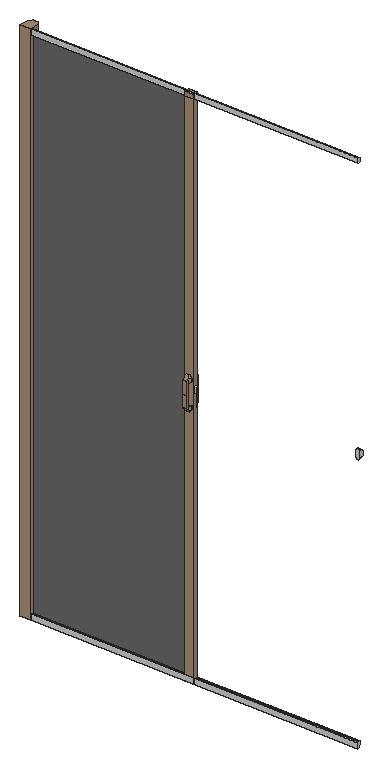
Revit family "Screen_Door_ProfessionalSeries_PhantomScreen", category Doors, host Wall, Revit 2014
Parameters (values of type "Type as Specified")
  URL = "http://www.phantomscreens.com/"
  Track Height = 0' - 0.931"
  Track Depth = 0' - 0.511"
  Specification = "http://www.phantomscreens.com/architects-designers/specifications-binder/"
  Slide Bar Width = 0' - 1.732"
  Slide Bar Depth = 0' - 0.866"
  Slide Bar = Dark Cherry
  Screen Thickness = 0' - 0 1/32"
  Screen = Phifer TuffScreen No-See-Um – Charcoal
  Sales Information = "http://www.phantomscreens.com/support/"
  Revision = "R1_08-2016"
  Product Properties = "http://www.phantomscreens.com/drive/uploads/2015/03/Phantom-Door-Design-Specification-Assembled-View.pdf"
  Product Data = "http://www.arcat.com/arcatcos/cos9540/arc40535.html"
  Percent Open [instance] = 50
  Model = "Professional Series"
  Manufacturer Website = "http://www.phantomscreens.com/"
  Manufacturer Phone - Toll Free = ""
  Manufacturer Phone = "604-855-3654"
  Manufacturer Fax = "604-855-7834"
  Manufacturer Address = "30451 Simpson Rd.; Abbotsford; BC; Canada V2T 6C7"
  Manufacturer = "Phantom Screens"
  Keynote = "08 11 00"
  Installation-Fabrication = "http://www.phantomscreens.com/architects-designers/options/"
  Housing Width = 0' - 1 7/8"
  Housing Depth = 0' - 2 49/64"
  Handle Width = 0' - 1.266"
  Handle Height = 0' - 6.031"
  Handle Depth = 0' - 0 109/128"
  Function = Interior
  Height = 8' - 0"
  Wall Closure = By host
  Width = 5' - 0"
  Drawn By = "Sumex Design - Robert S Weygant"
  Door Opening [instance] = Width * (Percent Open / 100)  # 2' - 6"
  Description = "Phantom Screens Professional Series Screen"
  Copyright = "� 2016 ARCAT Inc."
  Construction Details = "http://www.arcat.com/details/phantoms/95prod3445.html"
  Assembly Code = "B2020400"
  Aluminum Track = Aluminum - Flat
  Aluminum Housing = Dark Cherry
Reference planes (in)
  plane 1 "Center (Front/Back)": y = 0
  plane 2 "Center (Left/Right)": x = -7.25
  plane 3 "Top": z = 96
  plane 4 "Exterior": y = 3
  plane 5 "Interior": y = -3
  plane 6: x = -39.125
  plane 7: y = 5.76563
  plane 8: z = 96.931
  plane 9: z = 0.931
  plane 10: y = 3.511
  plane 11: y = 3.866
  plane 12: y = 3.47975
  plane 13: x = -8.982
  plane 14 "Track Bar": x = -7.25
  plane 15: x = -37.25
  plane 16: y = 3.4485
  plane 17: y = 4.71756
  plane 18: x = 22.75
  plane 19: z = 47.5
  plane 20: z = 50.5155
  plane 21: z = 44.4845
  plane 22: x = -8.24596
  plane 23: x = -7.19182
  plane 24: z = 49.15629
  plane 25: z = 47.35152
Forms (in)
  Extrusion 1, solid, material "Dark Cherry" <- "Aluminum Housing"
    sketch origin (0, 0, 0) x (1, 0, 0) y (0, 1, 0)
      loop
        line (-38.59494, 5.24881) -> (-39.125, 4.71875) -> (-39.125, 3) -> (-37.25, 3) -> (-37.25, 4.71875) -> (-37.78006, 5.24881) -> (-38.59494, 5.24881)
    from 0 to 96.931
  Extrusion 2, solid, material "Aluminum - Flat" <- "Aluminum Track"
    sketch origin (0, 0, 0) x (0, 1, 0) y (0, 0, 1)
      loop
        line (3.11249, 96.931) -> (3, 96.931) -> (3, 96) -> (3.11249, 96) -> (3.11249, 96.6029) -> (3.3979, 96.6029) -> (3.3979, 96) -> (3.511, 96) -> (3.511, 96.71477) -> (3.11249, 96.71477) -> (3.11249, 96.931)
    from -37.25 to 22.75
  Extrusion 3, solid, material "Aluminum - Flat" <- "Aluminum Track"
    sketch origin (0, 0, 0) x (0, 1, 0) y (0, 0, 1)
      loop
        line (3.511, 0.931) -> (3.386, 0.931) -> (3.386, 0.4365) -> (3.125, 0.4365) -> (3.125, 0.931) -> (3, 0.931) -> (3, 0) -> (3.125, 0) -> (3.125, 0.315) -> (3.511, 0.315) -> (3.511, 0.931)
    from -37.25 to 22.75
  Extrusion 4, solid, material "Dark Cherry" <- "Slide Bar"
    sketch origin (0, 0, 0) x (1, 0, 0) y (0, 1, 0)
      loop
        line (-8.982, 3.866) -> (-8.982, 3) -> (-7.25, 3) -> (-7.25, 3.64791) -> (-7.50991, 3.866) -> (-8.982, 3.866)
    from 0 to 96
  Extrusion 5, solid, material "Phifer TuffScreen No-See-Um – Charcoal" <- "Screen"
    sketch origin (0, 0, 0) x (1, 0, 0) y (0, 1, 0)
      loop
        line (-37.25, 3.47975) -> (-37.25, 3.4485) -> (-8.982, 3.4485) -> (-8.982, 3.47975) -> (-37.25, 3.47975)
    from 0.931 to 96
  Extrusion 6, solid
    sketch origin (-7.25, 0, 0) x (0, 1, 0) y (0, 0, 1)
      loop
        arc (3, 47.81869) -> (3.03288, 47.73932) -> (3.11225, 47.70644) r 0.11225
        line (3.11225, 47.70644) -> (3.29841, 47.70644)
        arc (3.29841, 47.70644) -> (3.37778, 47.73932) -> (3.41065, 47.81869) r 0.11225
        line (3.41065, 47.81869) -> (3.41065, 48.74389)
        arc (3.41065, 48.74389) -> (3.37778, 48.82327) -> (3.29841, 48.85614) r 0.11225
        line (3.29841, 48.85614) -> (3.11225, 48.85614)
        arc (3.11225, 48.85614) -> (3.03288, 48.82327) -> (3, 48.74389) r 0.11225
        line (3, 48.74389) -> (3, 47.81869)
      loop
        circle (3.20533, 48.55983) r 0.0627
      loop
        circle (3.20533, 48.00276) r 0.0627
    from 0 to 0.05818
Text (in)
  text "Exterior" at (-62.02911, 27.31104, 0), in view "Ref. Level"
  text "Interior" at (-62.02911, -25.14366, 0), in view "Ref. Level"
  text "Exterior" at (0, 40.15149, 123.01588), in view "Right"
  text "Interior" at (0, -64.39139, 123.01588), in view "Right"
  text "Interior" at (0, -31.01599, 123.00693), in view "Left"
  text "Exterior" at (0, 54.57065, 123.00693), in view "Left"
Dimensions and locks (in)
  "Height": level to plane 3 "Top"
  "Housing Depth": plane 4 "Exterior" to plane 7
  "Track Height": plane 3 "Top" to plane 8
  "Track Height": level to plane 9
  "Track Depth": plane 10 to plane 4 "Exterior"
  "Slide Bar Depth": plane 11 to plane 4 "Exterior"
  "Screen Thickness": plane 10 to plane 12
  "Slide Bar Width": plane 13 to plane 14 "Track Bar"
  equal spacing: plane 15, plane 2 "Center (Left/Right)", plane 18
  "Screen Thickness": plane 16 to plane 12
  "Width": plane 15 to plane 18
  "Housing Width": plane 6 to plane 15
  "Door Opening": plane 14 "Track Bar" to plane 18
  equal spacing: plane 21, plane 19, plane 20
  "Handle Height": plane 21 to plane 20
  locked: plane 14 "Track Bar" to plane 22 at 0.99596
  locked: plane 23 to plane 14 "Track Bar" at 0.05818
  locked: Extrusion 1 to Extrusion 1 at 2.24881
  aligned and locked: plane 4 "Exterior" to host wall
  aligned and locked: plane 5 "Interior" to host wall
  aligned and locked: plane 6 to Extrusion 1 sketch curve
  aligned and locked: Extrusion 1 to level
  aligned and locked: Extrusion 1 to plane 8
  aligned and locked: plane 8 to Extrusion 1
  aligned and locked: Extrusion 2 sketch curve to plane 8
  aligned and locked: Extrusion 2 sketch curve to plane 10
  aligned and locked: Extrusion 2 sketch curve to host wall
  aligned and locked: Extrusion 3 sketch curve to plane 9
  aligned and locked: Extrusion 3 sketch curve to plane 10
  aligned and locked: Extrusion 3 sketch curve to host wall
  aligned and locked: Extrusion 3 to plane 9  (x2)
  aligned and locked: Extrusion 2 to plane 10
  aligned and locked: plane 11 to Extrusion 4 sketch curve
  aligned and locked: plane 13 to Extrusion 4 sketch curve
  aligned and locked: Extrusion 4 sketch curve to plane 4 "Exterior"
  aligned and locked: Extrusion 4 sketch curve to plane 14 "Track Bar"
  aligned and locked: Extrusion 4 to level
  aligned and locked: Extrusion 4 to plane 3 "Top"
  aligned and locked: plane 12 to Extrusion 5 sketch curve
  aligned and locked: Extrusion 5 sketch curve to plane 15
  aligned and locked: plane 16 to Extrusion 5 sketch curve
  aligned and locked: Extrusion 5 sketch curve to plane 13
  aligned and locked: Extrusion 5 to plane 3 "Top"
  aligned and locked: Extrusion 5 to Extrusion 3
  aligned and locked: plane 18 to Extrusion 2  (x2)
  aligned and locked: Extrusion 3 to plane 18
  aligned and locked: Extrusion 3 to level
  aligned and locked: Extrusion 3 to plane 15
  aligned and locked: plane 3 "Top" to Extrusion 2
  aligned and locked: Extrusion 2 to plane 8  (x2)
  aligned and locked: plane 15 to Extrusion 2
  aligned and locked: Extrusion 1 sketch curve to plane 4 "Exterior"
  aligned and locked: plane 22 to nested 1
  aligned and locked: plane 11 to nested 1
  aligned and locked: nested 2 to plane 22
  aligned and locked: nested 2 to Extrusion 4
  aligned and locked: plane 20 to nested 1
  aligned and locked: plane 20 to nested 2
  aligned and locked: plane 21 to nested 1
  aligned and locked: plane 21 to nested 2
  aligned and locked: nested 3 to Extrusion 4
  aligned and locked: nested 3 to plane 14 "Track Bar"
  aligned and locked: nested 3 to plane 13
  aligned and locked: Extrusion 6 sketch curve to Extrusion 4
  aligned and locked: Extrusion 6 to Extrusion 4
  aligned and locked: plane 23 to Extrusion 6
  aligned and locked: nested 4 to plane 24  (x2)
  aligned and locked: plane 18 to nested 4
  aligned and locked: plane 4 "Exterior" to nested 4
  aligned and locked: nested 3 to plane 11
  aligned and locked: plane 4 "Exterior" to nested 3
Automatic sketch dimensions
  Extrusion 4 sketch curve to plane 10 = 0' - 0.13691"
  Extrusion 4 sketch curve to Extrusion 4 sketch curve = 0' - 0.25991"
  plane 6 to Extrusion 1 sketch curve = 0' - 0.53006"
  Extrusion 1 sketch curve to plane 7 = 0' - 1 3/64"  (x2)
  plane 15 to Extrusion 1 sketch curve = 0' - 0.53006"
  plane 3 "Top" to Extrusion 2 sketch curve = 0' - 0"  (x2)
  host wall to Extrusion 2 sketch curve = 0' - 0.11249"  (x2)
  Extrusion 2 sketch curve to plane 16 = 0' - 0.0506"
  plane 8 to Extrusion 2 sketch curve = 0' - 0.3281"
  Extrusion 2 sketch curve to Extrusion 2 sketch curve = 0' - 0.11187"
  plane 9 to Extrusion 3 sketch curve = 0' - 0"
  host wall to Extrusion 3 sketch curve = 0' - 0 1/8"
  Extrusion 3 sketch curve to Extrusion 3 sketch curve = 0' - 0"
  Extrusion 3 sketch curve to plane 16 = 0' - 0 1/16"
  Extrusion 3 sketch curve to Extrusion 3 sketch curve = 0' - 0.1215"
  level to Extrusion 3 sketch curve = 0' - 0.315"
  Extrusion 1 sketch curve to plane 15 = 0' - 0"
  Extrusion 3 sketch curve to level = 0' - 0"
  host wall to Extrusion 6 sketch curve = 0' - 0.11225"
  Extrusion 6 sketch curve to Extrusion 6 sketch curve = 0' - 0.11225"
  host wall to Extrusion 6 sketch curve = 0' - 0.20533"  (x2)
  Extrusion 6 sketch curve to plane 16 = 0' - 0.15009"  (x2)
  Extrusion 6 sketch curve to plane 16 = 0' - 0.03785"
  Extrusion 6 sketch curve to plane 19 = 0' - 0.20644"
  Extrusion 6 sketch curve to Extrusion 6 sketch curve = 0' - 0.18406"  (x2)
  Extrusion 6 sketch curve to Extrusion 6 sketch curve = 0' - 0.55707"
  Extrusion 6 sketch curve to Extrusion 6 sketch curve = 0' - 0"
  Extrusion 1 sketch curve to plane 17 = 0' - 0 17/32"
  radius of Extrusion 6 sketch curve = 0' - 0.0627"  (x2)
Nested families (in)
  nested 1: "Handle Family" at (-8.24596, 4.29178, 47.5) x (-1, 0, 0) z (0, 0, 1), type "Handle Family"
    with Width 0' - 1.266", Height 0' - 6.031", Depth 0' - 0 109/128"
  nested 2: "Handle Family" at (-8.24596, 2.57422, 47.5), type "Handle Family"
    with Width 0' - 1.266", Height 0' - 6.031", Depth 0' - 0 109/128"
  nested 3: "End Caps" at (-8.21484, 3.1714, 96), type "End Caps"
  nested 4: "Magnetic Latch" at (22.75, 3.3125, 47.40629) x (-1, 0, 0) z (0, 0, 1), type "Magnetic Latch"
Definition of nested family "Handle Family"
  Parameters (values of type "Handle Family")
    Width = 0' - 1 3/8"
    Height = 0' - 6 1/32"
    Handle = none
    Depth = 0' - 1"
  Reference planes (in)
    plane 1 "Center (Front/Back)": y = 0
    plane 2: z = 0
    plane 3 "Center (Left/Right)": x = 0
    plane 4: y = 0.5
    plane 5: x = 0.6875
    plane 6: y = -0.5
    plane 7: x = -0.6875
    plane 8: z = 3.01562
    plane 9: z = -3.01563
  Forms (in)
    Extrusion 1, solid, material <- "Handle"
      sketch origin (0, 0, 0) x (0, 1, 0) y (0, 0, 1)
        loop
          line (0.5, 3.01562) -> (0.25, 3.01562) -> (-0.5, 2.26562) -> (-0.5, 0) -> (-0.5, -2.26563) -> (0.25, -3.01563) -> (0.5, -3.01563) -> (0.5, -2.01563) -> (0, -2.01563) -> (-0.17678, -1.83885) -> (-0.17678, 0) -> (-0.17678, 1.83885) -> (0, 2.01562) -> (0.5, 2.01562) -> (0.5, 3.01562)
      from -0.6875 to 0.6875
    Extrusion 2, void
      sketch origin (0, 0, 0) x (1, 0, 0) y (0, 1, 0)
        loop
          line (-0.6875, 0.25) -> (-0.6875, -0.5) -> (-0.32322, -0.5) -> (-0.32322, -0.25861) -> (-0.6875, 0.25)
        loop
          line (0.32322, -0.25861) -> (0.32322, -0.5) -> (0.6875, -0.5) -> (0.6875, 0.25) -> (0.32322, -0.25861)
      from -3.01562 to 3.01562
    Extrusion 3, void
      sketch origin (0, 0, 0) x (1, 0, 0) y (0, 0, 1)
        loop
          line (-0.6875, 2.51563) -> (-0.25, 3.01563) -> (-0.6875, 3.01563) -> (-0.6875, 2.51563)
        loop
          line (0.6875, 2.51563) -> (0.6875, 3.01562) -> (0.25, 3.01562) -> (0.6875, 2.51563)
        loop
          line (-0.6875, -2.51562) -> (-0.6875, -3.01562) -> (-0.25, -3.01562) -> (-0.6875, -2.51562)
        loop
          line (0.6875, -2.51562) -> (0.25, -3.01562) -> (0.6875, -3.01562) -> (0.6875, -2.51562)
      from -0.5 to 0.5
  Cuts and joins
    Extrusion 2, Extrusion 3 cuts Extrusion 1
  Dimensions and locks (in)
    equal spacing: plane 7, plane 3 "Center (Left/Right)", plane 5
    equal spacing: plane 6, plane 1 "Center (Front/Back)", plane 4
    "Depth": plane 6 to plane 4
    "Width": plane 7 to plane 5
    equal spacing: plane 8, level, plane 9
    "Height": plane 8 to plane 9
    plane 1 "Center (Front/Back)" to Extrusion 1 = 0' - 0 1/2"
    aligned and locked: plane 2 to level
    aligned and locked: plane 7 to Extrusion 1
    aligned and locked: plane 5 to Extrusion 1
    aligned and locked: Extrusion 2 sketch curve to plane 6
    aligned and locked: plane 6 to Extrusion 2 sketch curve
    aligned and locked: plane 5 to Extrusion 2 sketch curve
    aligned and locked: Extrusion 2 sketch curve to plane 7
    aligned and locked: Extrusion 2 to plane 9
    aligned and locked: plane 8 to Extrusion 2
    aligned and locked: plane 4 to Extrusion 3
    aligned and locked: plane 6 to Extrusion 3
  Automatic sketch dimensions
    Extrusion 1 sketch curve to level = 0' - 0"  (x2)
    Extrusion 1 sketch curve to plane 1 "Center (Front/Back)" = 0' - 0"  (x2)
    Extrusion 1 sketch curve to plane 8 = 0' - 0"
    Extrusion 1 sketch curve to plane 4 = 0' - 0"  (x2)
    plane 1 "Center (Front/Back)" to Extrusion 1 sketch curve = 0' - 0.17678"
    Extrusion 1 sketch curve to Extrusion 1 sketch curve = 0' - 0 1/4"
    Extrusion 1 sketch curve to Extrusion 1 sketch curve = 0' - 1"
    Extrusion 1 sketch curve to Extrusion 1 sketch curve = 0' - 0.17678"  (x2)
    Extrusion 1 sketch curve to plane 8 = 0' - 1.17678"
    Extrusion 1 sketch curve to Extrusion 1 sketch curve = 0' - 0.42678"
    Extrusion 1 sketch curve to plane 9 = 0' - 0"
    Extrusion 1 sketch curve to plane 1 "Center (Front/Back)" = 0' - 0 1/4"
    plane 9 to Extrusion 1 sketch curve = 0' - 0 3/4"
    Extrusion 1 sketch curve to plane 6 = 0' - 0"
    Extrusion 2 sketch curve to plane 3 "Center (Left/Right)" = 0' - 0.32322"
    plane 3 "Center (Left/Right)" to Extrusion 2 sketch curve = 0' - 0.32322"
    plane 1 "Center (Front/Back)" to Extrusion 2 sketch curve = 0' - 0.25861"
    Extrusion 2 sketch curve to plane 1 "Center (Front/Back)" = 0' - 0 1/4"  (x2)
    Extrusion 2 sketch curve to Extrusion 2 sketch curve = 0' - 0.24139"
    plane 7 to Extrusion 3 sketch curve = 0' - 0"  (x2)
    Extrusion 3 sketch curve to plane 8 = 0' - 0"  (x2)
    Extrusion 3 sketch curve to plane 9 = 0' - 0"  (x2)
    Extrusion 3 sketch curve to plane 5 = 0' - 0"  (x2)
    Extrusion 3 sketch curve to plane 3 "Center (Left/Right)" = 0' - 0 1/4"  (x2)
    plane 3 "Center (Left/Right)" to Extrusion 3 sketch curve = 0' - 0 1/4"  (x2)
    plane 9 to Extrusion 3 sketch curve = 0' - 0 1/2"
    Extrusion 3 sketch curve to Extrusion 3 sketch curve = 0' - 0 1/2"
    Extrusion 3 sketch curve to plane 8 = 0' - 0 1/2"  (x2)
Definition of nested family "End Caps"
  Parameters (values of type "End Caps")
    End Caps = none
  Reference planes (in)
    plane 1 "Center (Front/Back)": y = 0
    plane 2: z = 0
    plane 3 "Center (Left/Right)": x = 0
    plane 4: y = 0.6946
    plane 5: x = 0.96484
    plane 6: y = -0.1714
    plane 7: x = -0.76716
    plane 8: z = 0.75
  Forms (in)
    Extrusion 1, solid, material <- "End Caps"
      sketch origin (0, 0, 0) x (1, 0, 0) y (0, 1, 0)
        loop
          line (-0.76716, 0.6946) -> (-0.76716, -0.1714) -> (0.96484, -0.1714) -> (0.96484, 0.47651) -> (0.70493, 0.6946) -> (-0.76716, 0.6946)
      from 0 to 0.75
  Lines and regions (in)
    model lines
      curve 1: line (-0.76716, 0.6946, 0) -> (0.70493, 0.6946, 0)
      curve 2: line (-0.76716, -0.1714, 0) -> (-0.76716, 0.6946, 0)
      curve 3: line (0.96484, -0.1714, 0) -> (-0.76716, -0.1714, 0)
      curve 4: line (0.96484, 0.47651, 0) -> (0.96484, -0.1714, 0)
      curve 5: line (0.96484, 0.47651, 0) -> (0.70493, 0.6946, 0)
  Dimensions and locks (in)
    aligned and locked: plane 2 to level
    aligned and locked: plane 8 to Extrusion 1
Definition of nested family "Magnetic Latch"
  Parameters (values of type "Magnetic Latch")
    Width = 0' - 0 5/8"
    Magnetic Latch = none
    Height = 0' - 1 3/4"
    Depth = 0' - 0 5/8"
  Reference planes (in)
    plane 1 "Center (Front/Back)": y = 0
    plane 2: z = 0
    plane 3 "Center (Left/Right)": x = 0
    plane 4: y = 0.3125
    plane 5: x = 0.3125
    plane 6: y = -0.3125
    plane 7: x = -0.3125
    plane 8: z = 1.75
    plane 9: z = 0.875
  Forms (in)
    Extrusion 1, solid, material <- "Magnetic Latch"
      sketch origin (0, 0, 0) x (1, 0, 0) y (0, 0, 1)
        loop
          line (-0.13921, 1.75) -> (-0.3125, 1.44985) -> (-0.3125, 0.30015) -> (-0.13921, 0) -> (0.13921, 0) -> (0.3125, 0.30015) -> (0.3125, 1.44985) -> (0.13921, 1.75) -> (-0.13921, 1.75)
      from -0.3125 to 0.3125
    Extrusion 2, void
      sketch origin (0, 0, 0) x (0, 1, 0) y (0, 0, 1)
        loop
          line (0.08177, 1.75) -> (-0.3125, 1.75) -> (-0.3125, 1.26184) -> (0.08177, 1.75)
        loop
          line (0.08177, 0) -> (-0.3125, 0.48816) -> (-0.3125, 0) -> (0.08177, 0)
      from -0.3125 to 0.3125
  Cuts and joins
    Extrusion 2 cuts Extrusion 1
  Dimensions and locks (in)
    equal spacing: plane 7, plane 3 "Center (Left/Right)", plane 5
    equal spacing: plane 4, plane 1 "Center (Front/Back)", plane 6
    "Depth": plane 7 to plane 5
    "Width": plane 4 to plane 6
    equal spacing: plane 8, plane 9, level
    "Height": plane 8 to level
    aligned and locked: plane 2 to level
    aligned and locked: Extrusion 1 sketch curve to plane 8
    aligned and locked: Extrusion 1 sketch curve to plane 7
    aligned and locked: level to Extrusion 1 sketch curve
    aligned and locked: Extrusion 1 sketch curve to plane 5
    aligned and locked: plane 4 to Extrusion 1
    aligned and locked: plane 6 to Extrusion 1
    aligned and locked: plane 7 to cut or joined group of Extrusion 1, Extrusion 2
    aligned and locked: plane 5 to Extrusion 2
  Automatic sketch dimensions
    Extrusion 1 sketch curve to plane 3 "Center (Left/Right)" = 0' - 0.13921"  (x2)
    plane 3 "Center (Left/Right)" to Extrusion 1 sketch curve = 0' - 0.13921"  (x2)
    level to Extrusion 1 sketch curve = 0' - 0.30015"  (x2)
    Extrusion 1 sketch curve to plane 8 = 0' - 0.30015"  (x2)
    Extrusion 2 sketch curve to level = 0' - 0"
    Extrusion 2 sketch curve to plane 6 = 0' - 0"  (x2)
    Extrusion 2 sketch curve to plane 8 = 0' - 0"
    Extrusion 2 sketch curve to plane 1 "Center (Front/Back)" = 0' - 0.08177"  (x2)
    level to Extrusion 2 sketch curve = 0' - 0.48816"
    Extrusion 2 sketch curve to Extrusion 2 sketch curve = 0' - 0.48816"
